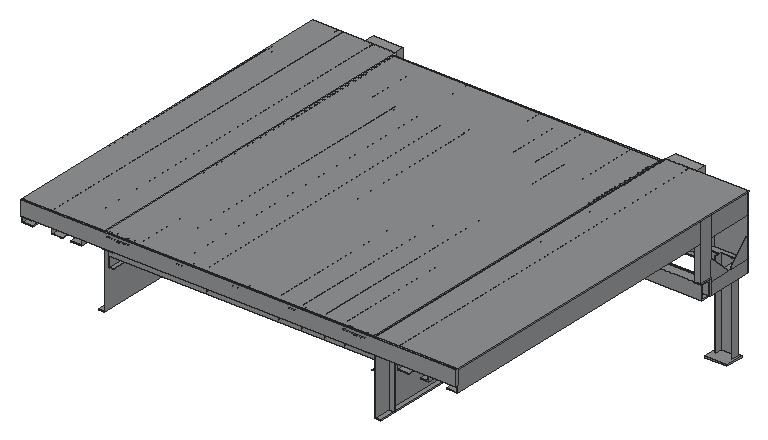
Revit family "ASSA_ABLOY_DockLeveler_DL6120TA", category Generic Models, Revit 2019
Family settings
  Can host rebar = No
  Round Connector Dimension = Use Diameter
  Part Type = Normal
  Work Plane-Based = No
  Always vertical = Yes
  Cut with Voids When Loaded = No
  Shared = No
  Room Calculation Point = No
Parameters (values of type "DL6120TA_LipSteelLL1000")
  Version = 2
  URL = "https://www.assaabloyentrance.com/global/en/solutions/products/loading-dock-equipment/dock-levelers/assa-abloy-dl6120ta-teledock-autodock"
  Tapered150OptionSS [instance] = no
  Tapered100OptionS [instance] = no
  SupportDistance [instance] = if(and(NominalWidth = 3300 mm, LevelerWidth = 2000 mm), 200 mm, if(and(NominalWidth = 3300 mm, LevelerWidth = 2200 mm), 250 mm, if(and(NominalWidth = 3500 mm, LevelerWidth = 2000 mm), 225 mm, if(and(NominalWidth = 3500 mm, LevelerWidth = 2200 mm), 210 mm, if(and(NominalWidth = 3600 mm, LevelerWidth = 2000 mm), 225 mm, 200 mm)))))  # 200 mm
  RubberBuffer [instance] = yes
  RestingPosition [instance] = yes
  OptionForNominalWidth [instance] = "3300, 3500, 3600, 3750"  # constant formula
  OptionForNominalLength [instance] = "2000, 2450, 3000"  # constant formula
  OptionForLevelerWidth [instance] = "2000, 2200"  # constant formula
  OptionForLevelerHeight [instance] = "600, 700, 800"  # constant formula
  OptionForDockHeight [instance] = "950 To 1500, Every 50mm"  # constant formula
  NominalWidthWanted [instance] = 3600 mm
  NominalWidth [instance] = if(NominalWidthWanted < 3400 mm, 3300 mm, if(NominalWidthWanted < 3550 mm, 3500 mm, if(NominalWidthWanted < 3675 mm, 3600 mm, 3750 mm)))  # 3600 mm
  NominalLengthWanted [instance] = 3000 mm
  NominalLength [instance] = if(NominalLengthWanted < 2225 mm, 2000 mm, if(NominalLengthWanted < 2725 mm, 2450 mm, 3000 mm))  # 3000 mm
  Model = "DL6120TA"  # constant formula
  Manufacturer = "ASSA ABLOY"  # constant formula
  LipType = DL6120TA_LevelerTop : DL6120TA_LipSteelLL1000
  LevelerWidthWanted [instance] = 2200 mm
  LevelerWidth [instance] = if(LevelerWidthWanted < 2100 mm, 2000 mm, 2200 mm)  # 2200 mm
  LevelerHeightWanted [instance] = 600 mm
  LevelerHeight [instance] = if(and(NominalLength < 3001 mm, LevelerHeightWanted < 650 mm), 600 mm, if(and(NominalLength < 2500 mm, LevelerHeightWanted > 650 mm), 700 mm, 800 mm))  # 600 mm
  LTwoUPNHeight [instance] = if(not(RestingPosition), if(and(NominalLength = 2000 mm, LevelerHeight = 600 mm), 165 mm, if(and(NominalLength = 2450 mm, LevelerHeight = 700 mm), 225 mm, if(and(NominalLength = 2450 mm, LevelerHeight = 600 mm), 150 mm, if(and(NominalLength = 2500 mm, LevelerHeight = 700 mm), 225 mm, if(and(NominalLength = 3000 mm, LevelerHeight = 600 mm), 135 mm, if(and(NominalLength = 3000 mm, LevelerHeight = 800 mm), 265 mm, if(NominalLength = 3500 mm, 275 mm, if(NominalLength = 4000 mm, 285 mm, if(NominalLength = 4500 mm, 300 mm, 150 mm))))))))), if(and(LevelerHeight = 600 mm, RestingPosition), ((LevelerHeight / 2) - 109 mm), if(and(LevelerHeight = 700 mm, RestingPosition), ((LevelerHeight / 2) - 134 mm), if(and(LevelerHeight = 800 mm, RestingPosition), ((LevelerHeight / 2) - 134 mm), (LevelerHeight / 2) - 109 mm))))  # 191 mm
  LThirtyOne [instance] = if(and(NominalWidth = 3300 mm, LevelerWidth = 2000 mm), 535 mm, if(and(NominalWidth = 3300 mm, LevelerWidth = 2200 mm), 435 mm, if(and(NominalWidth = 3500 mm, LevelerWidth = 2000 mm), 635 mm, if(and(NominalWidth = 3500 mm, LevelerWidth = 2200 mm), 535 mm, if(and(NominalWidth = 3600 mm, LevelerWidth = 2000 mm), 685 mm, 585 mm)))))  # 585 mm
  LTen [instance] = if(LevelerWidth = 2000 mm, 360 mm, 400 mm)  # 400 mm
  LNine [instance] = if(LevelerWidth = 2000 mm, 873 mm, 973 mm)  # 973 mm
  LElevenHeight [instance] = if(and(LevelerHeight = 600 mm, RestingPosition), ((LevelerHeight / 2) - 151 mm), if(and(LevelerHeight = 700 mm, RestingPosition), ((LevelerHeight / 2) - 126 mm), if(and(LevelerHeight = 800 mm, RestingPosition), ((LevelerHeight / 2) - 126 mm), if(and(NominalLength = 2000 mm, AboveDeckLevel, LevelerHeight = 600 mm), 157 mm, if(and(NominalLength = 2000 mm, BelowDeckLevel, LevelerHeight = 600 mm), 100 mm, if(and(NominalLength = 2000 mm, AboveDeckLevel, LevelerHeight = 700 mm), 197 mm, if(and(NominalLength = 2000 mm, BelowDeckLevel, LevelerHeight = 700 mm), 100 mm, if(and(NominalLength = 2450 mm, BelowDeckLevel, LevelerHeight = 600 mm), 100 mm, if(and(NominalLength = 2450 mm, AboveDeckLevel, LevelerHeight = 600 mm), 182 mm, if(and(NominalLength = 2450 mm, AboveDeckLevel, LevelerHeight = 700 mm), 197 mm, if(and(NominalLength = 2450 mm, BelowDeckLevel, LevelerHeight = 700 mm), 100 mm, if(and(NominalLength = 3000 mm, AboveDeckLevel, LevelerHeight = 600 mm), 187 mm, if(and(NominalLength = 3000 mm, BelowDeckLevel, LevelerHeight = 600 mm), 60 mm, 257 mm)))))))))))))  # 149 mm
  L1PlinthAngle [instance] = if(NominalLength = 2000 mm, 2040 mm, if(NominalLength = 2450 mm, 2480 mm, 3040 mm))  # 3040 mm
  L1Plinth [instance] = if(NominalLength = 2000 mm, 1860 mm, if(NominalLength = 2450 mm, 2300 mm, 2860 mm))  # 2860 mm
  Iron [instance] = Iron leveller
  InstallationAngleWanted [instance] = 120.00°
  InstallationAngleToBuilding [instance] = no
  InstallationAngleRight [instance] = if(InstallationAngle = 150.00°, 30.00°, if(InstallationAngle = 135.00°, 45.00°, if(InstallationAngle = 120.00°, 60.00°, if(InstallationAngle = 105.00°, 75.00°, 85.00°))))  # 60.00°
  InstallationAngleLeft [instance] = if(InstallationAngleWanted < 31.00°, 30.00°, if(InstallationAngleWanted < 46.00°, 45.00°, if(InstallationAngleWanted < 61.00°, 60.00°, if(InstallationAngleWanted < 76.00°, 75.00°, 85.00°))))  # 85.00°
  InstallationAngle [instance] = if(InstallationAngleWanted < 31.00°, 30.00°, if(InstallationAngleWanted < 46.00°, 45.00°, if(InstallationAngleWanted < 61.00°, 60.00°, if(InstallationAngleWanted < 76.00°, 75.00°, if(InstallationAngleWanted < 106.00°, 105.00°, if(InstallationAngleWanted < 121.00°, 120.00°, if(InstallationAngleWanted < 136.00°, 135.00°, if(InstallationAngleWanted < 136.00°, 135.00°, 90.00°))))))))  # 120.00°
  FrameCylinderSupportLocation [instance] = if(NominalLength = 2000 mm, 635 mm, if(NominalLength = 2450 mm, 760 mm, 1140 mm))  # 1140 mm
  ExtraSideSupport [instance] = NominalLength = 3000 mm  # yes
  DockHeightWanted [instance] = 1200 mm
  DockHeight [instance] = if(DockHeightWanted < 975 mm, 950 mm, if(DockHeightWanted < 1025 mm, 1000 mm, if(DockHeightWanted < 1075 mm, 1050 mm, if(DockHeightWanted < 1125 mm, 1100 mm, if(DockHeightWanted < 1175 mm, 1150 mm, if(DockHeightWanted < 1225 mm, 1200 mm, if(DockHeightWanted < 1275 mm, 1250 mm, if(DockHeightWanted < 1325 mm, 1300 mm, if(DockHeightWanted < 1375 mm, 1350 mm, if(DockHeightWanted < 1425 mm, 1400 mm, if(DockHeightWanted < 1475 mm, 1450 mm, 1500 mm)))))))))))  # 1200 mm
  DistanceSupport [instance] = 350 mm  # constant formula
  DistanceReferencePlaneAngle [instance] = if(InstallationAngleLeft = 90.00°, 0 mm, 30 mm)  # 30 mm
  Description = "Docking Leveler"  # constant formula
  DL6120TA_LipSteelLL500 = DL6120TA_LevelerTop : DL6120TA_LipSteelLL500
  DL6120TA_LipSteelLL1000 = DL6120TA_LevelerTop : DL6120TA_LipSteelLL1000
  DL6120TA_LipErgoSteelLL345 = DL6120TA_LevelerTop : DL6120TA_LipErgoSteelLL345
  CentreFront [instance] = (LElevenHeight + 120 mm - 5 mm)  # 264 mm
  BetweenPlinth [instance] = if(NominalWidth = 3300 mm, 2950 mm, if(NominalWidth = 3500 mm, 3150 mm, 3250 mm))  # 3250 mm
  BelowDeckLevel [instance] = not(AboveDeckLevel)  # no
  BSix [instance] = if(and(NominalWidth = 3300 mm, LevelerWidth = 2000 mm), 250 mm, if(and(NominalWidth = 3500 mm, LevelerWidth = 2000 mm), 280 mm, if(and(NominalWidth = 3500 mm, LevelerWidth = 2200 mm), 220 mm, if(and(NominalWidth = 3600 mm, LevelerWidth = 2000 mm), 280 mm, if(and(NominalWidth = 3600 mm, LevelerWidth = 2200 mm), 250 mm, if(and(NominalWidth = 3750 mm, LevelerWidth = 2000 mm), 320 mm, if(and(NominalWidth = 3750 mm, LevelerWidth = 2200 mm), 280 mm, 200 mm)))))))  # 250 mm
  BFive [instance] = if(and(NominalWidth = 3300 mm, LevelerWidth = 2000 mm), 200 mm, if(and(NominalWidth = 3300 mm, LevelerWidth = 2200 mm), 250 mm, if(and(NominalWidth = 3500 mm, LevelerWidth = 2000 mm), 225 mm, if(and(NominalWidth = 3500 mm, LevelerWidth = 2200 mm), 210 mm, if(and(NominalWidth = 3600 mm, LevelerWidth = 2000 mm), 225 mm, if(and(NominalWidth = 3600 mm, LevelerWidth = 2200 mm), 200 mm, if(and(NominalWidth = 3750 mm, LevelerWidth = 2000 mm), 280 mm, if(and(NominalWidth = 3750 mm, LevelerWidth = 2200 mm), 250 mm, 200 mm))))))))  # 200 mm
  AnglePlateRight [instance] = and(InstallationAngleToBuilding, InstallationAngle > 90.00°)  # no
  AnglePlateLeft [instance] = and(InstallationAngleToBuilding, InstallationAngle < 90.00°)  # no
  AboveDeckLevel [instance] = yes
Reference planes
  plane 1 "Front": y = 0
  plane 2 "Ground": z = 0
  plane 3 "Center (Left/Right)": x = 0
  plane 4: x = 1100
  plane 5: x = -1100
  plane 6 "Right": x = 1800
  plane 7 "Left": x = -1800
  plane 8 "Back": y = -3000
  plane 9: y = -3030
  plane 10: x = -1790
  plane 11: x = -1110
  plane 12: x = 1790
  plane 13: x = 1110
  plane 14: z = 730
  plane 15: y = -389
  plane 16: y = -489
  plane 17: x = 1790
  plane 18: x = 1110
  plane 19: x = -1790
  plane 20: x = -1110
  plane 21 "DoorHeight": z = 1200
  plane 22 "LevelerHeight": z = 600
  plane 23: z = 1194
  plane 24: y = -433
  plane 25: z = 12
  plane 26: y = -75
  plane 27: y = -2990
  plane 28: y = -1850
  plane 29: y = -2990
  plane 30: y = -2990
  plane 31: z = 632.5
  plane 32: y = -2990
  plane 33: z = 632.5
  plane 34: y = -2990
  plane 35: y = -2990
  plane 36: y = -2990
  plane 37: y = -2990
  plane 38: x = -1790
  plane 39: x = 1790
  plane 40: y = -2985
  plane 41: x = -1785
  plane 42: x = -1705
  plane 43: x = 1785
  plane 44: x = 1705
  plane 45: x = -1120
  plane 46: x = 1120
  plane 47: z = 1172.522
  plane 48: y = -2968.883
  plane 49: z = 1172.522
  plane 50: z = 1172.522
  plane 51: x = 950
  plane 52: z = 1172.522
  plane 53: x = -950
  plane 54: z = 1172.522
  plane 55: x = 991
  plane 56: z = 1172.543
  plane 57: x = -991
  plane 58: z = 1172.522
  plane 59: y = -1350
  plane 60: y = -1850
  plane 61: y = -2990
  plane 62: y = -2350
  plane 63: y = -850
  plane 64: y = -1350
  plane 65: y = -1850
  plane 66: y = -2350
  plane 67: y = -850
  plane 68: y = -2990
  plane 69: z = 864
  plane 70: y = -379
  plane 71: z = 864
  plane 72: y = -379
  plane 73: y = -379
  plane 74: z = 864
  plane 75: x = -1005.5
  plane 76: y = -379
  plane 77: z = 864
  plane 78: y = -379
  plane 79: z = 864
  plane 80: y = -379
  plane 81: z = 864
  plane 82: y = -379
  plane 83: z = 864
  plane 84: x = 1240.5
  plane 85: z = 1075
  plane 86: z = 825
  plane 87: x = -1240.5
  plane 88: z = 1075
  plane 89: z = 825
  plane 90: y = -140
  plane 91: x = 1625
  plane 92: x = -1625
  plane 93: x = -1300
  plane 94: y = -2990
  plane 95: x = -1640
  plane 96: x = 1640
  plane 97: x = -1300
  plane 98: x = -1550
  plane 99: x = 1550
  plane 100: x = 1300
  plane 101: y = -3180
Forms (mm)
  Extrusion 1, solid, material "Iron leveller" <- "Iron", visible <- "AnglePlateLeft"
    sketch origin (0, 0, 0) x (1, 0, 0) y (0, 1, 0)
      loop
        line (-1800, -3030) -> (1800, -3344.959) -> (1800, -3030) -> (-1800, -3030)
    from 1194 to 1200
  Sweep 2, solid, material "Iron leveller" <- "Iron"
    path origin (0, 0, 0) x (1, 0, 0) y (0, 1, 0)
      loop
        line (-1100, 0) -> (-1100, -2990)
    profile origin (-1100, -1495, 0) x (1, 0, 0) y (0, 0, 1)
      loop
        line (-690, 1200) -> (-690, 1194) -> (-10, 1194) -> (-10, 1200) -> (-690, 1200)
      loop
        line (2210, 1200) -> (2210, 1194) -> (2890, 1194) -> (2890, 1200) -> (2210, 1200)
  Sweep 3, solid, material "Iron leveller" <- "Iron"
    path origin (0, 0, 0) x (1, 0, 0) y (0, 1, 0)
      loop
        line (0, -489) -> (0, -2990)
    profile origin (0, -1739.5, 0) x (1, 0, 0) y (0, 0, 1)
      loop
        line (1110, 1194) -> (1110, 600) -> (1160, 600) -> (1160, 604) -> (1114, 604) -> (1114, 1194) -> (1110, 1194)
      loop
        line (-1110, 1194) -> (-1114, 1194) -> (-1114, 604) -> (-1160, 604) -> (-1160, 600) -> (-1110, 600) -> (-1110, 1194)
  Sweep 4, solid, material "Iron leveller" <- "Iron"
    path origin (0, 0, 0) x (1, 0, 0) y (0, 0, 1)
      loop
        line (0, 1194) -> (0, 730)
    profile origin (0, 0, 962) x (0, -1, 0) y (1, 0, 0)
      loop
        line (389, 1110) -> (489, 1110) -> (489, 1160) -> (483, 1160) -> (483, 1116) -> (395, 1116) -> (395, 1160) -> (389, 1160) -> (389, 1110)
      loop
        line (389, 1790) -> (389, 1740) -> (395, 1740) -> (395, 1784) -> (483, 1784) -> (483, 1740) -> (489, 1740) -> (489, 1790) -> (389, 1790)
      loop
        line (389, -1110) -> (389, -1160) -> (395, -1160) -> (395, -1116) -> (483, -1116) -> (483, -1160) -> (489, -1160) -> (489, -1110) -> (389, -1110)
      loop
        line (389, -1790) -> (489, -1790) -> (489, -1740) -> (483, -1740) -> (483, -1784) -> (395, -1784) -> (395, -1740) -> (389, -1740) -> (389, -1790)
  Sweep 5, solid, material "Iron leveller" <- "Iron"
    path origin (0, 0, 0) x (1, 0, 0) y (0, 0, 1)
      loop
        line (-1790, 600) -> (1790, 600)
    profile origin (0, 0, 600) x (0, 0, 1) y (0, -1, 0)
      loop
        line (120, 399) -> (120, 479) -> (0, 479) -> (0, 399) -> (120, 399)
      loop
        line (115, 404) -> (115, 474) -> (5, 474) -> (5, 404) -> (115, 404)
  Sweep 6, solid, material "Iron leveller" <- "Iron"
    path origin (0, 0, 0) x (0, 1, 0) y (0, 0, 1)
      loop
        line (-433, 730) -> (-433, 720)
    profile origin (0, -433, 725) x (1, 0, 0) y (0, 1, 0)
      loop
        line (-1790, 44) -> (-1790, -56) -> (-1740, -56) -> (-1740, 44) -> (-1790, 44)
      loop
        line (-1160, 44) -> (-1160, -56) -> (-1110, -56) -> (-1110, 44) -> (-1160, 44)
      loop
        line (1110, 44) -> (1110, -56) -> (1160, -56) -> (1160, 44) -> (1110, 44)
      loop
        line (1740, 44) -> (1740, -56) -> (1790, -56) -> (1790, 44) -> (1740, 44)
  Sweep 7, solid, material "Iron leveller" <- "Iron"
    path origin (0, 0, 0) x (1, 0, 0) y (0, 0, 1)
      loop
        line (0, 1194) -> (0, 600)
    profile origin (0, 0, 897) x (0, -1, 0) y (1, 0, 0)
      loop
        line (6, -1790) -> (6, -1110) -> (0, -1110) -> (0, -1790) -> (6, -1790)
      loop
        line (6, 1110) -> (6, 1790) -> (0, 1790) -> (0, 1110) -> (6, 1110)
  Sweep 8, solid, material "Iron leveller" <- "Iron"
    path origin (0, 0, 0) x (0, 1, 0) y (0, 0, 1)
      loop
        line (-6, 600) -> (-389, 600)
    profile origin (0, -197.5, 600) x (0, 0, -1) y (1, 0, 0)
      loop
        line (0, -1790) -> (0, -1740) -> (-6, -1740) -> (-6, -1784) -> (-94, -1784) -> (-94, -1740) -> (-100, -1740) -> (-100, -1790) -> (0, -1790)
      loop
        line (0, 1790) -> (-100, 1790) -> (-100, 1740) -> (-94, 1740) -> (-94, 1784) -> (-6, 1784) -> (-6, 1740) -> (0, 1740) -> (0, 1790)
      loop
        line (0, -1110) -> (-100, -1110) -> (-100, -1160) -> (-94, -1160) -> (-94, -1116) -> (-6, -1116) -> (-6, -1160) -> (0, -1160) -> (0, -1110)
      loop
        line (0, 1110) -> (0, 1160) -> (-6, 1160) -> (-6, 1116) -> (-94, 1116) -> (-94, 1160) -> (-100, 1160) -> (-100, 1110) -> (0, 1110)
  Sweep 9, solid, material "Iron leveller" <- "Iron"
    path origin (0, 0, 0) x (1, 0, 0) y (0, 0, 1)
      loop
        line (-1740, 600) -> (-1160, 600)
    profile origin (-1450, 0, 600) x (0, 0, 1) y (0, -1, 0)
      loop
        line (100, 6) -> (100, 62) -> (94, 62) -> (94, 12) -> (6, 12) -> (6, 62) -> (0, 62) -> (0, 6) -> (100, 6)
  Sweep 10, solid, material "Iron leveller" <- "Iron"
    path origin (0, 0, 0) x (-1, 0, 0) y (0, 0, 1)
      loop
        line (-1740, 600) -> (-1160, 600)
    profile origin (1450, 0, 600) x (0, 0, -1) y (0, -1, 0)
      loop
        line (-100, 12) -> (0, 12) -> (0, 62) -> (-6, 62) -> (-6, 18) -> (-94, 18) -> (-94, 62) -> (-100, 62) -> (-100, 12)
  Sweep 11, solid, material "Iron leveller" <- "Iron"
    path origin (0, 0, 0) x (0, 1, 0) y (0, 0, 1)
      loop
        line (-6, 1194) -> (-6, 700)
    profile origin (0, -6, 947) x (1, 0, 0) y (0, 1, 0)
      loop
        line (1110, 0) -> (1110, -100) -> (1160, -100) -> (1160, -94) -> (1116, -94) -> (1116, -6) -> (1160, -6) -> (1160, 0) -> (1110, 0)
      loop
        line (-1110, 0) -> (-1160, 0) -> (-1160, -6) -> (-1116, -6) -> (-1116, -94) -> (-1160, -94) -> (-1160, -100) -> (-1110, -100) -> (-1110, 0)
  Sweep 12, solid, material "Iron leveller" <- "Iron"
    path origin (0, 0, 0) x (0, 1, 0) y (0, 0, 1)
      loop
        line (-106, 1194) -> (-389, 1194)
    profile origin (0, -247.5, 1194) x (0, 0, -1) y (1, 0, 0)
      loop
        line (0, 1110) -> (170, 1110) -> (170, 1200) -> (167, 1200) -> (167, 1113) -> (0, 1113) -> (0, 1110)
      loop
        line (0, -1110) -> (0, -1113) -> (167, -1113) -> (167, -1200) -> (170, -1200) -> (170, -1110) -> (0, -1110)
  Sweep 13, solid, material "Iron leveller" <- "Iron"
    path origin (0, 0, 0) x (0, 1, 0) y (0, 0, 1)
      loop
        line (-389, 1024) -> (-106, 1024)
    profile origin (0, -247.5, 1024) x (0, 0, 1) y (1, 0, 0)
      loop
        line (0, 1110) -> (0, 1116) -> (-324, 1116) -> (-324, 1110) -> (0, 1110)
      loop
        line (0, -1110) -> (-324, -1110) -> (-324, -1116) -> (0, -1116) -> (0, -1110)
  Sweep 14, solid, material "Iron leveller" <- "Iron"
    path origin (0, 0, 0) x (1, 0, 0) y (0, 1, 0)
      loop
        line (-1100, -399) -> (-1100, -389)
    profile origin (-1100, -394, 0) x (-1, 0, 0) y (0, 0, 1)
      loop
        line (-2210, 600) -> (-2210, 720) -> (-2890, 720) -> (-2890, 600) -> (-2210, 600)
      loop
        line (10, 600) -> (690, 600) -> (690, 720) -> (10, 720) -> (10, 600)
  Sweep 15, solid, material "Iron leveller" <- "Iron"
    path origin (0, 0, 0) x (0, 1, 0) y (0, 0, 1)
      loop
        line (-6, 1194) -> (-389, 1194)
    profile origin (0, -197.5, 1194) x (0, 0, -1) y (1, 0, 0)
      loop
        line (0, -1790) -> (170, -1790) -> (170, -1700) -> (167, -1700) -> (167, -1787) -> (0, -1787) -> (0, -1790)
      loop
        line (0, 1790) -> (0, 1787) -> (167, 1787) -> (167, 1700) -> (170, 1700) -> (170, 1790) -> (0, 1790)
  Sweep 16, solid, material "Iron leveller" <- "Iron"
    path origin (0, 0, 0) x (0, 1, 0) y (0, 0, 1)
      loop
        line (-489, 1194) -> (-2990, 1194)
    profile origin (0, -1739.5, 1194) x (0, 0, -1) y (1, 0, 0)
      loop
        line (0, -1790) -> (170, -1790) -> (170, -1700) -> (167, -1700) -> (167, -1787) -> (0, -1787) -> (0, -1790)
      loop
        line (0, 1790) -> (0, 1787) -> (167, 1787) -> (167, 1700) -> (170, 1700) -> (170, 1790) -> (0, 1790)
  Sweep 17, solid, material "Iron leveller" <- "Iron"
    path origin (0, 0, 0) x (0, 1, 0) y (0, 0, 1)
      loop
        line (-6, 1194) -> (-2990, 1194)
    profile origin (0, -1498, 1194) x (0, 0, -1) y (1, 0, 0)
      loop
        line (0, -1300) -> (0, -1303) -> (167, -1303) -> (167, -1390) -> (170, -1390) -> (170, -1300) -> (0, -1300)
      loop
        line (0, 1300) -> (170, 1300) -> (170, 1390) -> (167, 1390) -> (167, 1303) -> (0, 1303) -> (0, 1300)
  Sweep 18, solid, material "Iron leveller" <- "Iron"
    path origin (0, 0, 0) x (1, 0, 0) y (0, 0, 1)
      loop
        line (0, 12) -> (0, 720)
    profile origin (0, 0, 366) x (-1, 0, 0) y (0, -1, 0)
      loop
        line (1765, 75) -> (1765, 135) -> (1759, 135) -> (1759, 81) -> (1631, 81) -> (1631, 135) -> (1625, 135) -> (1625, 75) -> (1765, 75)
      loop
        line (-1625, 75) -> (-1625, 135) -> (-1631, 135) -> (-1631, 81) -> (-1759, 81) -> (-1759, 135) -> (-1765, 135) -> (-1765, 75) -> (-1625, 75)
  Sweep 19, solid, material "Iron leveller" <- "Iron"
    path origin (0, 0, 0) x (1, 0, 0) y (0, 0, 1)
      loop
        line (-1600, 12) -> (-1600, 0)
    profile origin (-1600, 0, 6) x (0, -1, 0) y (1, 0, 0)
      loop
        line (65, -185) -> (215, -185) -> (215, -5) -> (65, -5) -> (65, -185)
      loop
        line (65, 3205) -> (215, 3205) -> (215, 3385) -> (65, 3385) -> (65, 3205)
  Sweep 20, solid, material "Iron leveller" <- "Iron"
    path origin (0, 0, 600) x (-1, 0, 0) y (0, -1, 0)
      loop
        line (1110, 1850) -> (-1110, 1850)
    profile origin (0, -1850, 600) x (0, 1, 0) y (0, 0, 1)
      loop
        line (-80, 0) -> (-80, 65) -> (-122, 65) -> (-122, 60) -> (-85, 60) -> (-85, 5) -> (-122, 5) -> (-122, 0) -> (-80, 0)
  Sweep 21, solid, material "Iron leveller" <- "Iron"
    path origin (0, 0, 600) x (-1, 0, 0) y (0, -1, 0)
      loop
        line (-985, 1930) -> (-985, 2070)
    profile origin (985, -2000, 600) x (1, 0, 0) y (0, 0, 1)
      loop
        line (125, 65) -> (83, 65) -> (83, 60) -> (120, 60) -> (120, 5) -> (83, 5) -> (83, 0) -> (125, 0) -> (125, 65)
      loop
        line (-2095, 65) -> (-2095, 0) -> (-2053, 0) -> (-2053, 5) -> (-2090, 5) -> (-2090, 60) -> (-2053, 60) -> (-2053, 65) -> (-2095, 65)
  Sweep 22, solid, material "Iron leveller" <- "Iron"
    path origin (0, 0, 600) x (-1, 0, 0) y (0, -1, 0)
      loop
        line (940, 1930) -> (940, 1810)
    profile origin (-940, -1870, 600) x (-1, 0, 0) y (0, 0, 1)
      loop
        line (15, 0) -> (15, 65) -> (0, 65) -> (0, 0) -> (15, 0)
      loop
        line (-1895, 0) -> (-1880, 0) -> (-1880, 65) -> (-1895, 65) -> (-1895, 0)
  Sweep 23, solid, material "Iron leveller" <- "Iron"
    path origin (0, 0, 600) x (-1, 0, 0) y (0, -1, 0)
      loop
        line (1110, 1850) -> (910, 1850)
    profile origin (-1010, -1850, 600) x (0, 1, 0) y (0, 0, 1)
      loop
        circle (0, 32.5) r 22.25
      loop
        circle (0, 32.5) r 17.25
  Sweep 24, solid, material "Iron leveller" <- "Iron"
    path origin (0, 0, 600) x (1, 0, 0) y (0, -1, 0)
      loop
        line (1110, 1850) -> (910, 1850)
    profile origin (1010, -1850, 600) x (0, -1, 0) y (0, 0, 1)
      loop
        circle (0, 32.5) r 22.25
      loop
        circle (0, 32.5) r 17.25
  Sweep 25, solid, material "Iron leveller" <- "Iron"
    path origin (0, 0, 600) x (-1, 0, 0) y (0, -1, 0)
      loop
        line (1790, 197.5) -> (1784, 197.5)
    profile origin (-1787, -197.5, 600) x (0, 1, 0) y (0, 0, 1)
      loop
        line (191.5, 100) -> (191.5, 265) -> (176.5, 265) -> (26.5, 115) -> (26.5, 100) -> (191.5, 100)
      loop
        line (-191.5, 100) -> (-26.5, 100) -> (-26.5, 115) -> (-176.5, 265) -> (-191.5, 265) -> (-191.5, 100)
  Sweep 26, solid, material "Iron leveller" <- "Iron"
    path origin (0, 0, 600) x (1, 0, 0) y (0, -1, 0)
      loop
        line (1790, 197.5) -> (1784, 197.5)
    profile origin (1787, -197.5, 600) x (0, -1, 0) y (0, 0, 1)
      loop
        line (-191.5, 100) -> (-26.5, 100) -> (-26.5, 115) -> (-176.5, 265) -> (-191.5, 265) -> (-191.5, 100)
      loop
        line (191.5, 100) -> (191.5, 265) -> (176.5, 265) -> (26.5, 115) -> (26.5, 100) -> (191.5, 100)
  Sweep 27, solid, material "WarningMark"
    path origin (0, 0, 1200) x (-1, 0, 0) y (0, -1, 0)
      loop
        line (1110, 0) -> (1110, 2990)
    profile origin (-1110, -1495, 1200) x (1, 0, 0) y (0, 0, 1)
      loop
        line (0, 0) -> (0, -50) -> (1, -50) -> (1, 0) -> (0, 0)
      loop
        line (2220, 0) -> (2219, 0) -> (2219, -50) -> (2220, -50) -> (2220, 0)
  Sweep 28, solid, material "Iron leveller" <- "Iron"
    path origin (0, 0, 1200) x (-1, 0, 0) y (0, -1, 0)
      loop
        line (1790, 3000) -> (-1790, 3000)
    profile origin (0, -3000, 1200) x (0, 1, 0) y (0, 0, 1)
      loop
        line (-10, 0) -> (-10, -120) -> (10, -120) -> (10, 0) -> (-10, 0)
  Sweep 29, solid, material "Iron leveller" <- "Iron"
    path origin (0, 0, 0) x (0, 1, 0) y (0, 0, 1)
      loop
        line (-3000, 1070) -> (-3000, 1085)
    profile origin (0, -3000, 1077.5) x (0, -1, 0) y (1, 0, 0)
      loop
        line (0, -1785) -> (0, -1705) -> (-50, -1705) -> (-50, -1785) -> (0, -1785)
      loop
        line (0, 1785) -> (-50, 1785) -> (-50, 1705) -> (0, 1705) -> (0, 1785)
      loop
        line (0, -1120) -> (0, -1040) -> (-50, -1040) -> (-50, -1120) -> (0, -1120)
      loop
        line (0, 1120) -> (-50, 1120) -> (-50, 1040) -> (0, 1040) -> (0, 1120)
  Sweep 30, solid, material "Iron leveller" <- "Iron"
    path origin (0, 0, 1200) x (-1, 0, 0) y (0, -1, 0)
      loop
        line (61, 2968) -> (-61, 2968)
    profile origin (0, -2968, 1200) x (0, 1, 0) y (0, 0, 1)
      loop
        circle (-0.883, -27.478) r 21
  Sweep 31, solid, material "Iron leveller" <- "Iron"
    path origin (0, 0, 1200) x (-1, 0, 0) y (0, -1, 0)
      loop
        line (-400, 2968.883) -> (-522, 2968.883)
    profile origin (461, -2968.883, 1200) x (0, 1, 0) y (0, 0, 1)
      loop
        circle (0, -27.478) r 21
  Sweep 32, solid, material "Iron leveller" <- "Iron"
    path origin (0, 0, 1200) x (1, 0, 0) y (0, -1, 0)
      loop
        line (-400, 2968.883) -> (-522, 2968.883)
    profile origin (-461, -2968.883, 1200) x (0, -1, 0) y (0, 0, 1)
      loop
        circle (0, -27.478) r 21
  Sweep 33, solid, material "Iron leveller" <- "Iron"
    path origin (0, 0, 1200) x (-1, 0, 0) y (0, -1, 0)
      loop
        line (-882, 2968.883) -> (-950, 2968.883)
    profile origin (916, -2968.883, 1200) x (0, 1, 0) y (0, 0, 1)
      loop
        circle (0, -27.478) r 13
      loop
        circle (0, -27.478) r 21
  Sweep 34, solid, material "Iron leveller" <- "Iron"
    path origin (0, 0, 1200) x (1, 0, 0) y (0, -1, 0)
      loop
        line (-882, 2968.883) -> (-950, 2968.883)
    profile origin (-916, -2968.883, 1200) x (0, -1, 0) y (0, 0, 1)
      loop
        circle (0, -27.478) r 13
      loop
        circle (0, -27.478) r 21
  Sweep 35, solid, material "Iron leveller" <- "Iron"
    path origin (141, 0, 1200) x (-1, 0, 0) y (0, -1, 0)
      loop
        line (-882, 2968.883) -> (-950, 2968.883)
    profile origin (1057, -2968.883, 1200) x (0, 1, 0) y (0, 0, 1)
      loop
        circle (0, -27.457) r 13
      loop
        circle (0, -27.457) r 21
  Sweep 36, solid, material "Iron leveller" <- "Iron"
    path origin (-141, 0, 1200) x (1, 0, 0) y (0, -1, 0)
      loop
        line (-882, 2968.883) -> (-950, 2968.883)
    profile origin (-1057, -2968.883, 1200) x (0, -1, 0) y (0, 0, 1)
      loop
        circle (0, -27.478) r 13
      loop
        circle (0, -27.478) r 21
  Sweep 37, solid, material "Iron leveller" <- "Iron"
    path origin (0, 0, 1200) x (-1, 0, 0) y (0, -1, 0)
      loop
        line (1092, 2990) -> (881, 2990)
    profile origin (-986.5, -2990, 1200) x (0, 1, 0) y (0, 0, 1)
      loop
        line (0, -48.478) -> (0, -73.478) -> (25, -73.478) -> (25, -48.478) -> (0, -48.478)
  Sweep 38, solid, material "Iron leveller" <- "Iron"
    path origin (0, 0, 1200) x (1, 0, 0) y (0, -1, 0)
      loop
        line (1092, 2990) -> (881, 2990)
    profile origin (986.5, -2990, 1200) x (0, -1, 0) y (0, 0, 1)
      loop
        line (0, -48.478) -> (-25, -48.478) -> (-25, -73.478) -> (0, -73.478) -> (0, -48.478)
  Sweep 39, solid, material "Iron leveller" <- "Iron"
    path origin (0, 0, 1200) x (-1, 0, 0) y (0, -1, 0)
      loop
        line (1114, 722.355) -> (1164, 722.355)
    profile origin (-1139, -722.355, 1200) x (0, -1, 0) y (0, 0, 1)
      loop
        line (624.645, -6) -> (624.645, -596) -> (630.645, -596) -> (630.645, -6) -> (624.645, -6)
      loop
        line (1124.645, -6) -> (1124.645, -596) -> (1130.645, -596) -> (1130.645, -6) -> (1124.645, -6)
      loop
        line (1630.645, -6) -> (1624.645, -6) -> (1624.645, -596) -> (1630.645, -596) -> (1630.645, -6)
      loop
        line (130.645, -6) -> (124.645, -6) -> (124.645, -596) -> (130.645, -596) -> (130.645, -6)
  Sweep 40, solid, material "Iron leveller" <- "Iron"
    path origin (0, 0, 1200) x (1, 0, 0) y (0, -1, 0)
      loop
        line (1114, 722.355) -> (1164, 722.355)
    profile origin (1139, -722.355, 1200) x (0, 1, 0) y (0, 0, 1)
      loop
        line (-624.645, -6) -> (-630.645, -6) -> (-630.645, -596) -> (-624.645, -596) -> (-624.645, -6)
      loop
        line (-1124.645, -6) -> (-1130.645, -6) -> (-1130.645, -596) -> (-1124.645, -596) -> (-1124.645, -6)
      loop
        line (-1630.645, -6) -> (-1630.645, -596) -> (-1624.645, -596) -> (-1624.645, -6) -> (-1630.645, -6)
      loop
        line (-130.645, -6) -> (-130.645, -596) -> (-124.645, -596) -> (-124.645, -6) -> (-130.645, -6)
  Sweep 41, solid, material "Iron leveller" <- "Iron", visible <- "ExtraSideSupport"
    path origin (0, 0, 0) x (0, 1, 0) y (0, 0, 1)
      loop
        line (-2853, 1194) -> (-2853, 604)
    profile origin (0, -2853, 899) x (1, 0, 0) y (0, 1, 0)
      loop
        line (1114, 0) -> (1164, 0) -> (1164, 6) -> (1114, 6) -> (1114, 0)
      loop
        line (-1114, 0) -> (-1114, 6) -> (-1164, 6) -> (-1164, 0) -> (-1114, 0)
  Sweep 42, solid, material "Iron leveller" <- "Iron"
    path origin (0, 0, 0) x (1, 0, 0) y (0, 0, 1)
      loop
        line (-1590, 1194) -> (-1590, 700)
    profile origin (-1590, 0, 947) x (0, -1, 0) y (1, 0, 0)
      loop
        line (6, 0) -> (6, -6.013) -> (56, -6.013) -> (56, 0) -> (6, 0)
      loop
        line (6, 296.013) -> (6, 290) -> (56, 290) -> (56, 296.013) -> (6, 296.013)
      loop
        line (6, 2890) -> (6, 2883.987) -> (56, 2883.987) -> (56, 2890) -> (6, 2890)
      loop
        line (6, 3097.606) -> (6, 3091.593) -> (56, 3091.593) -> (56, 3097.606) -> (6, 3097.606)
  Sweep 43, solid, material "Iron leveller" <- "Iron"
    path origin (0, 0, 0) x (0, 1, 0) y (0, 0, 1)
      loop
        line (-459, 720) -> (-459, 869)
    profile origin (0, -459, 794.5) x (0, -1, 0) y (1, 0, 0)
      loop
        line (0, -1032.5) -> (-36.5, -1032.5) -> (-36.5, -978.5) -> (0, -978.5) -> (0, -973) -> (-42, -973) -> (-42, -1038) -> (0, -1038) -> (0, -1032.5)
      loop
        line (0, 1032.5) -> (0, 1038) -> (-42, 1038) -> (-42, 973) -> (0, 973) -> (0, 978.5) -> (-36.5, 978.5) -> (-36.5, 1032.5) -> (0, 1032.5)
  Sweep 44, solid, material "Iron leveller" <- "Iron"
    path origin (0, 0, 0) x (0, 1, 0) y (0, 0, 1)
      loop
        line (-459, 869) -> (-459, 879)
    profile origin (0, -459, 874) x (0, -1, 0) y (1, 0, 0)
      loop
        line (-41, -1038) -> (-1, -1038) -> (-1, -973) -> (-41, -973) -> (-41, -1038)
      loop
        line (-41, 1038) -> (-41, 973) -> (-1, 973) -> (-1, 1038) -> (-41, 1038)
  Sweep 45, solid, material "Iron leveller" <- "Iron"
    path origin (0, 0, 0) x (0, 1, 0) y (0, 0, 1)
      loop
        line (-417, 879) -> (-417, 834)
    profile origin (0, -417, 856.5) x (1, 0, 0) y (0, 1, 0)
      loop
        line (-995, 6) -> (-1016, 6) -> (-1016, 55) -> (-1022, 55) -> (-1022, 0) -> (-989, 0) -> (-989, 55) -> (-995, 55) -> (-995, 6)
      loop
        line (995, 6) -> (995, 55) -> (989, 55) -> (989, 0) -> (1022, 0) -> (1022, 55) -> (1016, 55) -> (1016, 6) -> (995, 6)
  Sweep 46, solid, material "Iron leveller" <- "Iron"
    path origin (0, 0, 1200) x (-1, 0, 0) y (0, -1, 0)
      loop
        line (-995.5, 379) -> (-1015.5, 379)
    profile origin (1005.5, -379, 1200) x (0, 1, 0) y (0, 0, 1)
      loop
        circle (0, -336) r 25
  Sweep 47, solid, material "Iron leveller" <- "Iron"
    path origin (0, 0, 1200) x (1, 0, 0) y (0, -1, 0)
      loop
        line (-995.5, 379) -> (-1015.5, 379)
    profile origin (-1005.5, -379, 1200) x (0, -1, 0) y (0, 0, 1)
      loop
        circle (0, -336) r 25
  Sweep 48, solid, material "Iron leveller" <- "Iron"
    path origin (0, 0, 1200) x (-1, 0, 0) y (0, -1, 0)
      loop
        line (989, 379) -> (985, 379)
    profile origin (-987, -379, 1200) x (0, 1, 0) y (0, 0, 1)
      loop
        circle (0, -336) r 15
  Sweep 49, solid, material "Iron leveller" <- "Iron"
    path origin (-2011, 0, 1200) x (1, 0, 0) y (0, -1, 0)
      loop
        line (989, 379) -> (985, 379)
    profile origin (-1024, -379, 1200) x (0, -1, 0) y (0, 0, 1)
      loop
        circle (0, -336) r 15
  Sweep 50, solid, material "Iron leveller" <- "Iron"
    path origin (0, 0, 1200) x (1, 0, 0) y (0, -1, 0)
      loop
        line (989, 379) -> (985, 379)
    profile origin (987, -379, 1200) x (0, -1, 0) y (0, 0, 1)
      loop
        circle (0, -336) r 15
  Sweep 51, solid, material "Iron leveller" <- "Iron"
    path origin (2011, 0, 1200) x (-1, 0, 0) y (0, -1, 0)
      loop
        line (989, 379) -> (985, 379)
    profile origin (1024, -379, 1200) x (0, 1, 0) y (0, 0, 1)
      loop
        circle (0, -336) r 15
  Sweep 52, solid, material "Iron leveller" <- "Iron"
    path origin (0, 0, 1200) x (-1, 0, 0) y (0, -1, 0)
      loop
        line (-975.5, 379) -> (-1035.5, 379)
    profile origin (1005.5, -379, 1200) x (0, 1, 0) y (0, 0, 1)
      loop
        circle (0, -336) r 9
  SweptBlend 53, solid, material "Black Rubber", visible <- "RubberBuffer"
    path origin (0, 0, 360) x (-1, 0, 0) y (0, -1, 0)
      loop
        line (1110, 0) -> (1110, -90)
    profile origin (-1110, 0, 360) x (-1, 0, 0) y (0, 0, 1)
      loop
        line (5.5, 840) -> (5.5, 340) -> (255.5, 340) -> (255.5, 840) -> (5.5, 840)
    end profile origin (-1110, 90, 360) x (-1, 0, 0) y (0, 0, 1)
      loop
        line (250.5, 835) -> (10.5, 835) -> (10.5, 345) -> (250.5, 345) -> (250.5, 835)
  SweptBlend 54, solid, material "Black Rubber", visible <- "RubberBuffer"
    path origin (0, 0, 360) x (1, 0, 0) y (0, -1, 0)
      loop
        line (1110, 0) -> (1110, -90)
    profile origin (1110, 0, 360) x (-1, 0, 0) y (0, 0, 1)
      loop
        line (-5.5, 840) -> (-255.5, 840) -> (-255.5, 340) -> (-5.5, 340) -> (-5.5, 840)
    end profile origin (1110, 90, 360) x (-1, 0, 0) y (0, 0, 1)
      loop
        line (-250.5, 835) -> (-250.5, 345) -> (-10.5, 345) -> (-10.5, 835) -> (-250.5, 835)
  Extrusion 55, void
    sketch origin (0, 0, 0) x (1, 0, 0) y (0, 0, 1)
      loop
        circle (1240.5, 1075) r 31
      loop
        circle (1240.5, 825) r 31
    from -90 to -30.454
  Extrusion 56, void
    sketch origin (0, 0, 0) x (-1, 0, 0) y (0, 0, -1)
      loop
        circle (1240.5, -1075) r 31
      loop
        circle (1240.5, -825) r 31
    from -90 to -30.454
  Sweep 57, solid, material "Iron leveller" <- "Iron"
    path origin (0, 0, 0) x (0, 1, 0) y (0, 0, 1)
      loop
        line (-6, 1194) -> (-2990, 1194)
    profile origin (0, -1498, 1194) x (0, 0, -1) y (1, 0, 0)
      loop
        line (0, -1550) -> (170, -1550) -> (170, -1460) -> (167, -1460) -> (167, -1547) -> (0, -1547) -> (0, -1550)
      loop
        line (0, 1550) -> (0, 1547) -> (167, 1547) -> (167, 1485) -> (170, 1485) -> (170, 1550) -> (0, 1550)
  Sweep 58, solid, material "Iron leveller" <- "Iron", visible <- "AnglePlateLeft"
    path origin (0, 0, 1200) x (-1, 0, 0) y (0, -1, 0)
      loop
        line (-1800, 3344.959) -> (-1800, 3030)
    profile origin (1800, -3187.48, 1200) x (-1, 0, 0) y (0, 0, 1)
      loop
        line (10, -6) -> (10, -176) -> (100, -176) -> (100, -173) -> (13, -173) -> (13, -6) -> (10, -6)
  Sweep 59, solid, material "Iron leveller" <- "Iron", visible <- "AnglePlateLeft"
    path origin (0, 0, 0) x (1, 0, 0) y (0, 0, 1)
      loop
        line (1760, 0) -> (1760, 12)
    profile origin (1760, 0, 6) x (-1, 0, 0) y (0, -1, 0)
      loop
        line (-25, 3105) -> (155, 3105) -> (155, 3255) -> (-25, 3255) -> (-25, 3105)
  Sweep 60, solid, material "Iron leveller" <- "Iron", visible <- "AnglePlateLeft"
    path origin (0, 0, 0) x (1, 0, 0) y (0, 0, 1)
      loop
        line (1725, 12) -> (1725, 1194)
    profile origin (1725, 0, 603) x (-1, 0, 0) y (0, -1, 0)
      loop
        line (-40, 3115) -> (100, 3115) -> (100, 3175) -> (94, 3175) -> (94, 3121) -> (-34, 3121) -> (-34, 3175) -> (-40, 3175) -> (-40, 3115)
Cuts and joins
  joined: Sweep 20, Sweep 21
  Extrusion 55 cuts SweptBlend 54
  Extrusion 56 cuts SweptBlend 53
Lines and regions (mm)
  reference lines
    curve 1: line (-1800, -3030, 1200) -> (2981.735, -3448.348, 1200)
Dimensions and locks
  equal spacing: plane 5, plane 3 "Center (Left/Right)", plane 4
  "LevelerWidth": plane 5 to plane 4
  equal spacing: plane 7 "Left", plane 3 "Center (Left/Right)", plane 6 "Right"
  "NominalWidth": plane 7 "Left" to plane 6 "Right"
  "NominalLength": plane 8 "Back" to plane 1 "Front"
  "DistanceReferencePlaneAngle": plane 8 "Back" to plane 9
  locked: plane 8 "Back" to Extrusion 1 sketch curve at 30
  locked: plane 10 to plane 7 "Left" at 10
  locked: plane 5 to plane 11 at 10
  locked: plane 4 to plane 13 at 10
  locked: plane 12 to plane 6 "Right" at 10
  Sweep 3 sketch curve to plane 1 "Front" = 489 mm
  Sweep 3 sketch curve to plane 4 = 10 mm
  Sweep 3 sketch curve to Sweep 3 sketch curve = 4 mm  (x4)
  Sweep 3 sketch curve to Sweep 3 sketch curve = 50 mm  (x3)
  locked: plane 5 to Sweep 3 sketch curve at 10
  plane 15 to plane 1 "Front" = 389 mm
  locked: plane 15 to plane 16 at 100
  locked: plane 4 to plane 18 at 10
  locked: plane 17 to plane 6 "Right" at 10
  locked: plane 7 "Left" to plane 19 at 10
  locked: plane 20 to plane 5 at 10
  Sweep 4 sketch curve to Sweep 4 sketch curve = 6 mm  (x13)
  Sweep 4 sketch curve to Sweep 4 sketch curve = 50 mm  (x8)
  "DockHeight": plane 21 "DoorHeight" to plane 2 "Ground"
  "LevelerHeight": plane 21 "DoorHeight" to plane 22 "LevelerHeight"
  plane 21 "DoorHeight" to plane 23 = 6 mm
  plane 14 to plane 22 "LevelerHeight" = 130 mm
  plane 21 "DoorHeight" to Sweep 4 sketch curve = 6 mm
  plane 6 "Right" to Sweep 5 sketch curve = 10 mm
  locked: Sweep 5 sketch curve to plane 7 "Left" at 10
  Sweep 5 sketch curve to Sweep 5 sketch curve = 80 mm
  Sweep 5 sketch curve to Sweep 5 sketch curve = 120 mm
  plane 1 "Front" to Sweep 5 sketch curve = 399 mm
  Sweep 6 sketch curve to plane 22 "LevelerHeight" = 120 mm
  Sweep 6 sketch curve to Sweep 6 sketch curve = 10 mm
  Sweep 7 sketch curve to Sweep 2 = 6 mm  (x2)
  Sweep 8 sketch curve to plane 6 "Right" = 10 mm
  Sweep 8 sketch curve to Sweep 8 sketch curve = 100 mm  (x4)
  Sweep 8 sketch curve to Sweep 8 sketch curve = 50 mm  (x7)
  Sweep 5 to Sweep 8 sketch curve = 50 mm
  plane 5 to Sweep 9 sketch curve = 60 mm
  Sweep 9 sketch curve to plane 7 "Left" = 60 mm
  Sweep 9 sketch curve to Sweep 9 sketch curve = 100 mm
  Sweep 8 to Sweep 9 sketch curve = 56 mm  (x2)
  Sweep 9 sketch curve to Sweep 9 sketch curve = 6 mm  (x3)
  Sweep 10 sketch curve to Sweep 10 sketch curve = 100 mm
  Sweep 10 sketch curve to Sweep 10 sketch curve = 6 mm  (x3)
  plane 6 "Right" to Sweep 10 sketch curve = 60 mm
  Sweep 10 sketch curve to plane 4 = 60 mm
  Sweep 10 sketch curve to Sweep 9 = 50 mm
  Sweep 10 sketch curve to Sweep 10 sketch curve = 50 mm
  plane 5 to Sweep 8 sketch curve = 10 mm
  Sweep 8 sketch curve to plane 4 = 10 mm
  plane 7 "Left" to Sweep 8 sketch curve = 10 mm
  plane 21 "DoorHeight" to Sweep 11 sketch curve = 6 mm
  Sweep 11 sketch curve to plane 22 "LevelerHeight" = 100 mm
  plane 4 to Sweep 11 sketch curve = 10 mm
  Sweep 8 to Sweep 11 sketch curve = 6 mm  (x2)
  Sweep 8 to Sweep 11 sketch curve = 50 mm  (x2)
  Sweep 11 sketch curve to Sweep 8 = 100 mm
  Sweep 11 sketch curve to Sweep 11 sketch curve = 6 mm  (x3)
  Sweep 11 sketch curve to plane 5 = 10 mm
  Sweep 11 sketch curve to Sweep 8 = 50 mm
  Sweep 11 sketch curve to Sweep 11 sketch curve = 50 mm
  Sweep 11 sketch curve to Sweep 11 sketch curve = 100 mm
  plane 1 "Front" to Sweep 12 sketch curve = 106 mm
  plane 1 "Front" to Sweep 12 sketch curve = 389 mm
  Sweep 12 sketch curve to Sweep 12 sketch curve = 170 mm  (x2)
  Sweep 12 sketch curve to Sweep 12 sketch curve = 90 mm  (x2)
  Sweep 12 sketch curve to plane 4 = 10 mm
  Sweep 12 sketch curve to Sweep 12 sketch curve = 3 mm  (x4)
  plane 5 to Sweep 12 sketch curve = 10 mm
  plane 1 "Front" to Sweep 13 sketch curve = 106 mm
  plane 1 "Front" to Sweep 13 sketch curve = 389 mm
  Sweep 13 sketch curve to plane 4 = 10 mm
  Sweep 13 sketch curve to Sweep 13 sketch curve = 6 mm  (x3)
  plane 23 to Sweep 13 sketch curve = 170 mm  (x2)
  Sweep 13 sketch curve to plane 22 "LevelerHeight" = 100 mm  (x2)
  plane 5 to Sweep 13 sketch curve = 10 mm
  Sweep 14 sketch curve to plane 1 "Front" = 389 mm
  Sweep 14 sketch curve to Sweep 14 sketch curve = 10 mm
  plane 4 to Sweep 14 sketch curve = 10 mm
  plane 5 to Sweep 14 sketch curve = 10 mm
  plane 6 "Right" to Sweep 14 sketch curve = 10 mm
  Sweep 14 sketch curve to plane 7 "Left" = 10 mm
  plane 1 "Front" to Sweep 8 sketch curve = 389 mm
  Sweep 15 sketch curve to Sweep 15 sketch curve = 170 mm  (x2)
  Sweep 15 sketch curve to Sweep 15 sketch curve = 90 mm  (x2)
  Sweep 15 sketch curve to Sweep 15 sketch curve = 3 mm  (x4)
  plane 6 "Right" to Sweep 15 sketch curve = 10 mm
  Sweep 15 sketch curve to plane 7 "Left" = 10 mm
  Sweep 16 sketch curve to Sweep 16 sketch curve = 170 mm  (x2)
  Sweep 16 sketch curve to Sweep 16 sketch curve = 90 mm  (x2)
  Sweep 16 sketch curve to Sweep 16 sketch curve = 3 mm  (x4)
  plane 1 "Front" to Sweep 16 sketch curve = 489 mm
  Sweep 17 sketch curve to Sweep 17 sketch curve = 170 mm  (x2)
  Sweep 17 sketch curve to Sweep 17 sketch curve = 90 mm  (x2)
  Sweep 17 sketch curve to Sweep 17 sketch curve = 3 mm  (x4)
  "BFive": Sweep 17 sketch curve to plane 4
  locked: plane 25 to plane 2 "Ground" at 12
  Sweep 18 sketch curve to plane 22 "LevelerHeight" = 120 mm
  Sweep 18 sketch curve to Sweep 18 sketch curve = 140 mm  (x2)
  Sweep 18 sketch curve to Sweep 18 sketch curve = 60 mm  (x4)
  Sweep 19 sketch curve to Sweep 19 sketch curve = 12 mm
  Sweep 19 sketch curve to Sweep 19 sketch curve = 150 mm  (x2)
  Sweep 18 to Sweep 19 sketch curve = 20 mm  (x2)
  Sweep 19 sketch curve to Sweep 18 = 20 mm  (x2)
  Sweep 19 sketch curve to Sweep 19 sketch curve = 180 mm
  Sweep 20 sketch curve to plane 5 = 10 mm
  plane 4 to Sweep 20 sketch curve = 10 mm
  locked: plane 27 to plane 8 "Back" at 10
  "FrameCylinderSupportLocation": Sweep 20 sketch curve to plane 27
  plane 29 to plane 8 "Back" = 10 mm
  "FrameCylinderSupportLocation": plane 28 to plane 29
  plane 28 to Sweep 20 sketch curve = 80 mm
  Sweep 20 sketch curve to Sweep 20 sketch curve = 5 mm  (x3)
  Sweep 20 sketch curve to Sweep 20 sketch curve = 65 mm
  Sweep 20 sketch curve to Sweep 20 sketch curve = 42 mm  (x2)
  Sweep 21 sketch curve to Sweep 21 sketch curve = 140 mm
  plane 5 to Sweep 21 sketch curve = 10 mm
  Sweep 21 sketch curve to plane 4 = 10 mm
  Sweep 21 sketch curve to Sweep 21 sketch curve = 5 mm  (x6)
  Sweep 21 sketch curve to Sweep 21 sketch curve = 65 mm  (x2)
  Sweep 21 sketch curve to Sweep 21 sketch curve = 42 mm  (x4)
  Sweep 22 sketch curve to Sweep 22 sketch curve = 120 mm
  Sweep 22 sketch curve to Sweep 22 sketch curve = 65 mm  (x2)
  Sweep 22 sketch curve to Sweep 22 sketch curve = 15 mm  (x2)
  plane 4 to Sweep 22 sketch curve = 145 mm
  Sweep 22 sketch curve to plane 5 = 145 mm
  Sweep 23 sketch curve to plane 5 = 10 mm
  Sweep 23 sketch curve to Sweep 23 sketch curve = 200 mm
  plane 30 to plane 8 "Back" = 10 mm
  "FrameCylinderSupportLocation": Sweep 23 sketch curve to plane 30
  plane 31 to plane 22 "LevelerHeight" = 32.5 mm
  Sweep 24 sketch curve to Sweep 24 sketch curve = 200 mm
  "FrameCylinderSupportLocation": Sweep 24 sketch curve to plane 32
  plane 4 to Sweep 24 sketch curve = 10 mm
  plane 33 to plane 22 "LevelerHeight" = 32.5 mm
  plane 34 to plane 8 "Back" = 10 mm
  plane 8 "Back" to plane 35 = 10 mm
  plane 36 to plane 8 "Back" = 10 mm
  plane 1 "Front" to Sweep 15 sketch curve = 6 mm
  Sweep 15 sketch curve to Sweep 15 sketch curve = 383 mm
  plane 1 "Front" to Sweep 17 sketch curve = 6 mm
  plane 1 "Front" to Sweep 8 sketch curve = 6 mm
  profile plane to Sweep 8 = 6 mm
  plane 1 "Front" to Sweep 11 sketch curve = 6 mm
  plane 7 "Left" to Sweep 25 sketch curve = 10 mm
  Sweep 25 sketch curve to Sweep 25 sketch curve = 6 mm
  Sweep 25 sketch curve to Sweep 25 sketch curve = 15 mm  (x4)
  Sweep 25 sketch curve to Sweep 25 sketch curve = 165 mm  (x4)
  plane 1 "Front" to Sweep 25 sketch curve = 6 mm
  plane 1 "Front" to Sweep 25 sketch curve = 389 mm
  plane 22 "LevelerHeight" to Sweep 25 sketch curve = 100 mm
  Sweep 25 sketch curve to plane 22 "LevelerHeight" = 100 mm
  Sweep 26 sketch curve to Sweep 26 sketch curve = 6 mm
  Sweep 26 sketch curve to Sweep 26 sketch curve = 15 mm  (x4)
  Sweep 26 sketch curve to Sweep 26 sketch curve = 165 mm  (x4)
  Sweep 26 sketch curve to plane 6 "Right" = 10 mm
  Sweep 26 sketch curve to plane 22 "LevelerHeight" = 100 mm
  plane 22 "LevelerHeight" to Sweep 26 sketch curve = 100 mm
  plane 1 "Front" to Sweep 26 sketch curve = 6 mm
  plane 1 "Front" to Sweep 26 sketch curve = 389 mm
  plane 37 to plane 8 "Back" = 10 mm
  plane 38 to plane 7 "Left" = 10 mm
  plane 6 "Right" to plane 39 = 10 mm
  Sweep 27 sketch curve to plane 5 = 10 mm
  Sweep 27 sketch curve to plane 8 "Back" = 10 mm
  Sweep 27 sketch curve to plane 4 = 10 mm
  Sweep 27 sketch curve to Sweep 27 sketch curve = 1 mm  (x2)
  Sweep 27 sketch curve to Sweep 27 sketch curve = 50 mm  (x2)
  plane 32 to plane 8 "Back" = 10 mm
  Sweep 28 sketch curve to plane 6 "Right" = 10 mm
  plane 7 "Left" to Sweep 28 sketch curve = 10 mm
  Sweep 28 sketch curve to Sweep 28 sketch curve = 120 mm
  plane 8 "Back" to Sweep 28 sketch curve = 10 mm
  Sweep 28 sketch curve to plane 8 "Back" = 10 mm
  plane 40 to plane 8 "Back" = 15 mm
  plane 21 "DoorHeight" to Sweep 29 sketch curve = 115 mm
  Sweep 29 sketch curve to Sweep 29 sketch curve = 15 mm
  plane 7 "Left" to plane 41 = 15 mm
  plane 41 to plane 42 = 80 mm
  plane 43 to plane 44 = 80 mm
  plane 43 to plane 6 "Right" = 15 mm
  Sweep 29 sketch curve to Sweep 29 sketch curve = 50 mm  (x3)
  "LThirtyOne": plane 42 to plane 45
  "LThirtyOne": plane 46 to plane 44
  Sweep 29 sketch curve to Sweep 29 sketch curve = 80 mm  (x2)
  Sweep 30 sketch curve to plane 8 "Back" = 32 mm
  Sweep 30 sketch curve to Sweep 30 sketch curve = 122 mm
  Sweep 30 sketch curve to plane 3 "Center (Left/Right)" to Sweep 30 sketch curve = 61 mm, 61 mm
  plane 21 "DoorHeight" to plane 47 = 27.478 mm
  plane 48 to plane 8 "Back" = 31.117 mm
  "LTen": plane 3 "Center (Left/Right)" to Sweep 31 sketch curve
  plane 8 "Back" to Sweep 31 sketch curve = 31.117 mm
  plane 21 "DoorHeight" to plane 49 = 27.478 mm
  Sweep 32 sketch curve to plane 8 "Back" = 31.117 mm
  "LTen": Sweep 32 sketch curve to plane 3 "Center (Left/Right)"
  plane 21 "DoorHeight" to plane 50 = 27.478 mm
  plane 51 to plane 4 = 150 mm  (x2)
  Sweep 33 sketch curve to Sweep 33 sketch curve = 68 mm
  plane 8 "Back" to Sweep 33 sketch curve = 31.117 mm
  profile plane to plane 8 "Back" = 31.117 mm  (x4)
  Sweep 34 sketch curve to Sweep 34 sketch curve = 68 mm
  profile plane to plane 54 = 27.478 mm
  plane 5 to plane 53 = 150 mm
  Sweep 34 sketch curve to plane 8 "Back" = 31.117 mm
  plane 21 "DoorHeight" to plane 54 = 27.478 mm
  Sweep 35 sketch curve to Sweep 35 sketch curve = 68 mm
  plane 8 "Back" to Sweep 35 sketch curve = 31.117 mm
  Sweep 33 to Sweep 35 sketch curve = 73 mm
  Sweep 36 sketch curve to Sweep 36 sketch curve = 68 mm
  profile plane to plane 58 = 27.478 mm
  Sweep 36 sketch curve to plane 8 "Back" = 31.117 mm
  Sweep 36 sketch curve to Sweep 34 = 73 mm
  plane 21 "DoorHeight" to plane 58 = 27.478 mm
  Sweep 37 sketch curve to Sweep 36 = 1 mm
  Sweep 34 to Sweep 37 sketch curve = 1 mm
  Sweep 37 sketch curve to Sweep 37 sketch curve = 25 mm  (x2)
  plane 21 "DoorHeight" to Sweep 37 sketch curve = 48.478 mm
  Sweep 37 sketch curve to plane 8 "Back" = 10 mm
  Sweep 38 sketch curve to Sweep 38 sketch curve = 25 mm  (x2)
  Sweep 38 sketch curve to Sweep 33 = 1 mm
  Sweep 35 to Sweep 38 sketch curve = 1 mm
  Sweep 38 sketch curve to plane 8 "Back" = 10 mm
  plane 21 "DoorHeight" to Sweep 38 sketch curve = 48.478 mm
  locked: Sweep 39 sketch curve to plane 5 at 14
  Sweep 39 sketch curve to Sweep 39 sketch curve = 50 mm
  Sweep 39 sketch curve to plane 22 "LevelerHeight" = 4 mm  (x2)
  Sweep 39 sketch curve to plane 21 "DoorHeight" = 6 mm  (x3)
  Sweep 39 sketch curve to Sweep 39 sketch curve = 6 mm  (x4)
  equal spacing: Sweep 39 sketch curve, plane 59, Sweep 39 sketch curve
  plane 59 to plane 60 = 500 mm
  locked: plane 61 to plane 8 "Back" at 10
  "FrameCylinderSupportLocation": plane 60 to plane 61
  equal spacing: Sweep 39 sketch curve, plane 60, Sweep 39 sketch curve
  equal spacing: Sweep 39 sketch curve, plane 62, Sweep 39 sketch curve
  plane 60 to plane 62 = 500 mm
  equal spacing: Sweep 39 sketch curve, plane 63, Sweep 39 sketch curve
  plane 63 to plane 59 = 500 mm
  plane 22 "LevelerHeight" to Sweep 39 sketch curve = 4 mm  (x2)
  plane 21 "DoorHeight" to Sweep 39 sketch curve = 6 mm
  Sweep 40 sketch curve to Sweep 40 sketch curve = 50 mm
  Sweep 40 sketch curve to Sweep 40 sketch curve = 6 mm  (x4)
  equal spacing: Sweep 40 sketch curve, plane 64, Sweep 40 sketch curve
  plane 65 to plane 64 = 500 mm
  equal spacing: Sweep 40 sketch curve, plane 65, Sweep 40 sketch curve
  equal spacing: Sweep 40 sketch curve, plane 66, Sweep 40 sketch curve
  plane 66 to plane 65 = 500 mm
  equal spacing: Sweep 40 sketch curve, plane 67, Sweep 40 sketch curve
  plane 64 to plane 67 = 500 mm
  plane 4 to Sweep 40 sketch curve = 14 mm
  Sweep 40 sketch curve to plane 22 "LevelerHeight" = 4 mm  (x4)
  plane 21 "DoorHeight" to Sweep 40 sketch curve = 6 mm  (x4)
  locked: plane 68 to plane 8 "Back" at 10
  "FrameCylinderSupportLocation": plane 65 to plane 68
  Sweep 41 sketch curve to plane 22 "LevelerHeight" = 4 mm
  plane 21 "DoorHeight" to Sweep 41 sketch curve = 6 mm
  locked: Sweep 39 to Sweep 41 sketch curve at 1000
  Sweep 40 to Sweep 41 sketch curve = 1000 mm
  Sweep 41 sketch curve to Sweep 39 = 1000 mm
  Sweep 41 sketch curve to Sweep 41 sketch curve = 6 mm  (x2)
  Sweep 41 sketch curve to Sweep 41 sketch curve = 50 mm  (x2)
  Sweep 41 sketch curve to plane 5 = 14 mm
  plane 4 to Sweep 41 sketch curve = 14 mm
  Sweep 42 sketch curve to plane 22 "LevelerHeight" = 100 mm
  plane 21 "DoorHeight" to Sweep 42 sketch curve = 6 mm
  Sweep 42 sketch curve to plane 1 "Front" = 6 mm  (x2)
  Sweep 42 sketch curve to Sweep 42 sketch curve = 50 mm  (x4)
  Sweep 42 sketch curve to Sweep 42 sketch curve = 6.013 mm  (x4)
  "LElevenHeight": Sweep 43 sketch curve to Sweep 43 sketch curve
  Sweep 44 sketch curve to Sweep 44 sketch curve = 10 mm
  Sweep 44 sketch curve to Sweep 44 sketch curve = 40 mm  (x2)
  plane 1 "Front" to Sweep 43 sketch curve = 459 mm
  "LNine": Sweep 43 sketch curve to plane 3 "Center (Left/Right)"
  "LNine": plane 3 "Center (Left/Right)" to Sweep 43 sketch curve
  Sweep 43 sketch curve to Sweep 43 sketch curve = 42 mm  (x2)
  Sweep 43 sketch curve to Sweep 43 sketch curve = 65 mm  (x2)
  Sweep 45 sketch curve to Sweep 45 sketch curve = 45 mm
  Sweep 43 to Sweep 45 sketch curve = 55 mm  (x2)
  Sweep 45 sketch curve to Sweep 45 sketch curve = 55 mm  (x2)
  Sweep 46 sketch curve to Sweep 45 = 17 mm
  equal spacing: Sweep 45, Sweep 46 sketch curve, Sweep 46 sketch curve, Sweep 45
  Sweep 45 to plane 70 = 17 mm
  locked: plane 69 to Sweep 45 at 15
  Sweep 45 to plane 72 = 17 mm
  locked: plane 71 to Sweep 45 at 15
  Sweep 45 to Sweep 47 sketch curve = 17 mm
  Sweep 45 to Sweep 47 sketch curve to Sweep 47 sketch curve = 0.5 mm, 20 mm
  Sweep 47 sketch curve to Sweep 45 = 0.5 mm
  Sweep 48 sketch curve to Sweep 48 sketch curve = 4 mm
  Sweep 45 to Sweep 48 sketch curve = 17 mm
  locked: plane 74 to Sweep 45 at 15
  Sweep 45 to plane 73 = 17 mm
  Sweep 49 sketch curve to Sweep 49 sketch curve = 4 mm
  Sweep 45 to Sweep 49 sketch curve = 17 mm
  Sweep 45 to plane 76 = 17 mm
  locked: plane 77 to Sweep 45 at 15
  Sweep 50 sketch curve to Sweep 50 sketch curve = 4 mm
  Sweep 51 sketch curve to Sweep 51 sketch curve = 4 mm
  Sweep 45 to Sweep 50 sketch curve = 17 mm
  Sweep 45 to plane 78 = 17 mm
  locked: plane 79 to Sweep 45 at 15
  Sweep 51 sketch curve to Sweep 45 = 17 mm
  Sweep 45 to plane 80 = 17 mm
  locked: plane 81 to Sweep 45 at 15
  Sweep 52 sketch curve to Sweep 50 to Sweep 51 to Sweep 52 sketch curve = 9.5 mm, 41 mm, 9.5 mm
  Sweep 45 to plane 82 = 17 mm
  locked: plane 83 to Sweep 45 at 15
  locked: Sweep 44 to Sweep 45 sketch curve at 16
  locked: Sweep 45 sketch curve to Sweep 44 at 16  (x2)
  locked: Sweep 43 to Sweep 45 sketch curve at 16
  "CentreFront": plane 22 "LevelerHeight" to plane 71
  "CentreFront": plane 22 "LevelerHeight" to plane 69
  "CentreFront": plane 22 "LevelerHeight" to plane 77
  "CentreFront": plane 22 "LevelerHeight" to plane 74
  "CentreFront": plane 22 "LevelerHeight" to plane 83
  "CentreFront": plane 22 "LevelerHeight" to plane 79
  "CentreFront": plane 22 "LevelerHeight" to plane 81
  SweptBlend 53 sketch curve to SweptBlend 53 sketch curve = 90 mm
  SweptBlend 53 sketch curve to SweptBlend 53 sketch curve = 250 mm
  SweptBlend 53 sketch curve to SweptBlend 53 sketch curve = 500 mm
  SweptBlend 53 sketch curve to SweptBlend 53 sketch curve = 490 mm
  SweptBlend 54 sketch curve to SweptBlend 54 sketch curve = 90 mm
  locked: SweptBlend 54 sketch curve to SweptBlend 54 sketch curve at 250
  SweptBlend 54 sketch curve to SweptBlend 54 sketch curve = 240 mm  (x2)
  SweptBlend 54 sketch curve to SweptBlend 54 sketch curve = 490 mm
  locked: SweptBlend 54 sketch curve to SweptBlend 54 sketch curve at 500
  SweptBlend 54 to plane 85 = 125 mm
  locked: plane 85 to plane 86 at 250
  locked: plane 88 to plane 89 at 250
  SweptBlend 53 to plane 87 to SweptBlend 53 = 120 mm, 120 mm
  SweptBlend 53 to plane 88 = 120 mm
  SweptBlend 53 sketch curve to SweptBlend 53 sketch curve = 240 mm
  SweptBlend 53 sketch curve to plane 5 = 10 mm
  locked: plane 87 to plane 5 at 140.5
  locked: plane 84 to plane 4 at 140.5
